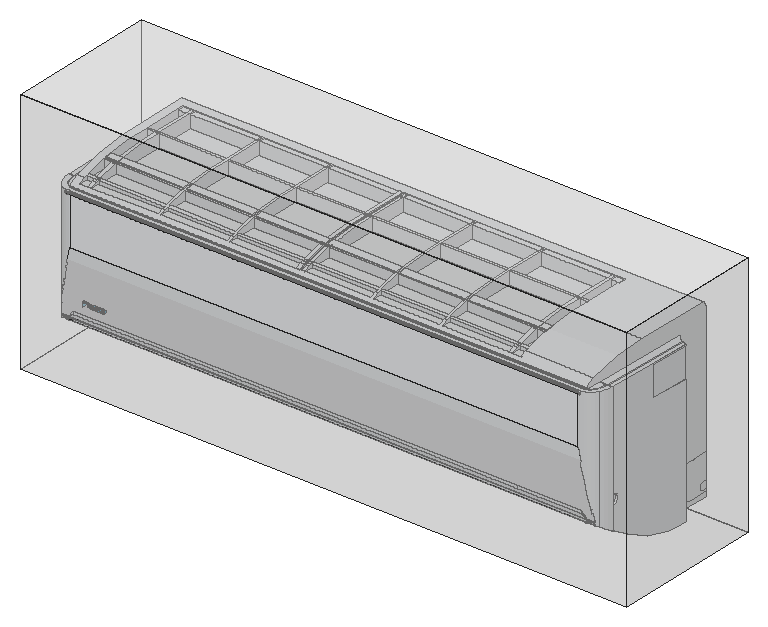
Revit family "outputfile", category 機械設備, Revit 2024
Family settings
  丸型コネクタ寸法 = 半径を使用
  パーツ タイプ = 標準
  OmniClass 番号 = 23.75.10.24.21.27.27
  OmniClass タイトル = Split System Air Conditioning Units
  作業面ベース = いいえ
  常に垂直 = はい
  ロード時にボイドで切り取り = いいえ
  注釈の向きを維持 = いいえ
  共有 = いいえ
  部屋計算ポイント = いいえ
Parameters (values of type "FXAQ25ARVM")
  書き出し IFC クラス(タイプ) = "IfcUnitaryEquipmentType"
  定義済み IFC タイプ(タイプ) = "AIRCONDITIONINGUNIT"
  switch_frequency = yes
  lh_powersupply = 55.0 mm  # constant formula
  製造元 = "Daikin"
  モデル = "FXAQ25ARVM"
  lh_drainpipe = 35.0 mm  # constant formula
  lh_liquidpipe = 40.0 mm  # constant formula
  lh_gaspipe = 20.0 mm  # constant formula
  r_Liquid Pipe Size = Liquid Pipe Size / 2  # 3.2 mm
  r_Gas Pipe Size = Gas Pipe Size / 2  # 6.35 mm
  r_Drain Pipe Size = Drain Pipe Size / 2  # 9.0 mm
  lw_powersupply [instance] = if(or(Left Connection_refrigerant, Right Connection_refrigerant), 464.5 mm, if(or(Bottom Left Connection_refrigerant, Rear Left Connection_refrigerant), 843.0 mm, 58.0 mm))  # 464.5 mm
  lw_liquidpipe [instance] = if(or(Left Connection_refrigerant, Right Connection_refrigerant), 490.0 mm, if(or(Bottom Left Connection_refrigerant, Rear Left Connection_refrigerant), 843.0 mm, 58.0 mm))  # 490.0 mm
  lw_gaspipe [instance] = if(or(Left Connection_refrigerant, Right Connection_refrigerant), 440.0 mm, if(or(Bottom Left Connection_refrigerant, Rear Left Connection_refrigerant), 858.0 mm, 73.0 mm))  # 440.0 mm
  lw_drainpipe [instance] = if(or(Left Connection_refrigerant, Right Connection_refrigerant), 570.0 mm, if(or(Bottom Left Connection_refrigerant, Rear Left Connection_refrigerant), 873.0 mm, 88.0 mm))  # 570.0 mm
  l_powersupply_length [instance] = if(Right Connection_refrigerant, 442.2 mm, if(Left Connection_refrigerant, 442.2 mm, if(or(Rear Left Connection_refrigerant, Rear Right Connection_refrigerant), 15.0 mm, 55.0 mm)))  # 442.2 mm
  l_liquidpipe_length [instance] = if(Left Connection_refrigerant, 416.4 mm, if(Right Connection_refrigerant, 467.4 mm, if(or(Bottom Left Connection_refrigerant, Bottom Right Connection_refrigerant), 40.0 mm, 35.0 mm)))  # 467.4 mm
  l_gaspipe_length [instance] = if(Left Connection_refrigerant, 466.4 mm, if(Right Connection_refrigerant, 417.4 mm, if(or(Bottom Left Connection_refrigerant, Bottom Right Connection_refrigerant), 20.0 mm, 35.0 mm)))  # 417.4 mm
  l_drainpipe_length [instance] = if(Left Connection_refrigerant, 336.7 mm, if(Right Connection_refrigerant, 547.7 mm, if(or(Bottom Left Connection_refrigerant, Bottom Right Connection_refrigerant), 30.0 mm, 15.0 mm)))  # 547.7 mm
  h*** = 0.0 mm  # constant formula
  connector_voltage = Voltage_50Hz  # 220 V
  connector_powerinput = if([Power Input (Cooling)] > [Power Input (Heating)], [Power Input (Cooling)], [Power Input (Heating)])  # 0.024 kW
  connector_phase = Phase_50Hz  # 1
  angle_vertical [instance] = if(or(Bottom Left Connection_refrigerant, Bottom Right Connection_refrigerant), 0.00°, 90.00°)  # 90.00°
  angle_horizontal [instance] = if(Right Connection_refrigerant, 90.00°, if(Left Connection_refrigerant, -90.00°, if(or(Rear Left Connection_refrigerant, Rear Right Connection_refrigerant), 180.00°, 0.00°)))  # 90.00°
  Width = 929.0 mm
  Voltage_comment_60Hz = "220-240"
  Voltage_comment_50Hz = "220-240"
  Voltage_60Hz = 220 V
  Voltage_50Hz = 220 V
  Version = "ver.1.0"
  Unit Type = "Wall Mounted"
  Unit Mass Weight = 13.00 kg
  Unit Designation [instance] = ""
  Uniclass2015Version = "Products v1.30"
  Uniclass2015Title = "Variable refrigerant flow units"
  Uniclass2015Code = "Pr_70_65_03_94"
  Total Heating Capacity [instance] = 0.000 kW
  Total Cooling Capacity [instance] = 0.000 kW
  Sound Pressure Level_L speed (dBA) = 31
  Sound Pressure Level_H speed (dBA) = 36
  Sound Power Level_H speed (dB) = 0
  Series = "VRV Fan Coil Unit"
  Sensible Cooling Capacity [instance] = 0.000 kW
  Refrigerant Type = "R410A"
  Power Input (Heating) = 0.024 kW
  Power Input (Cooling) = 0.019 kW
  Phase_60Hz = 1
  Phase_50Hz = 1
  Option Accessory 3 [instance] = ""
  Option Accessory 2 [instance] = ""
  Option Accessory 1 [instance] = ""
  Nominal Heating Capacity = 3.200 kW
  Nominal Cooling Capacity = 2.800 kW
  Minimum Circuit Amps_60Hz = 0.4 A
  Minimum Circuit Amps_50Hz = 0.4 A
  Minimum Airflow = 300.00 m³/h
  Maximum Fuse Amps_60Hz = 15.0 A
  Maximum Fuse Amps_50Hz = 15.0 A
  Maximum Airflow = 540.00 m³/h
  Material_Casing = DAIKIN_FreshWhite_Casing_indoorunit
  Load Classification = HVAC
  Liquid Pipe Size = 6.4 mm
  Link_Nested Family [instance] = ""
  IfcVersion = ""
  IfcExportType = "AIRCONDITIONINGUNIT"
  IfcExportAs = "IfcUnitaryEquipmentType"
  Height = 298.0 mm
  Heating Entering Wet Bulb Temperature [instance] = 0.00 °C
  Heating Entering Dry Bulb Temperature [instance] = 0.00 °C
  Heating Ambient Wet Bulb Temperature [instance] = 0.00 °C
  Heating Ambient Dry Bulb Temperature [instance] = 0.00 °C
  Heat Exchanger Type = "Cross Fin Coil"
  Gas Pipe Size = 12.7 mm
  Frequency_60Hz = 60 Hz
  Frequency_50Hz = 50 Hz
  Fan Type = "Cross Flow Fan"
  Fan Drive = "Direct Drive"
  FCU Tag No. [instance] = ""
  Drain Pipe Size = 18.0 mm
  Design Supply Airflow [instance] = 0.00 m³/h
  Depth = 258.0 mm
  既定の高さ = 0.0 mm
  Cooling Entering Wet Bulb Temperature [instance] = 0.00 °C
  Cooling Entering Dry Bulb Temperature [instance] = 0.00 °C
  Cooling Ambient Wet Bulb Temperature [instance] = 0.00 °C
  Cooling Ambient Dry Bulb Temperature [instance] = 0.00 °C
  Clearance visibility [instance] = yes
  Clearance Top = 90.0 mm
  Clearance Right = 50.0 mm
  Clearance Rear = 0.0 mm
  Clearance Left = 50.0 mm
  Clearance Front = 0.0 mm
  Clearance Bottom = 30.0 mm
  Bottom Right Connection_refrigerant [instance] = no
  Bottom Left Connection_refrigerant [instance] = no
  Rear Right Connection_refrigerant [instance] = no
  Rear Left Connection_refrigerant [instance] = no
  Right Connection_refrigerant [instance] = yes
  Left Connection_refrigerant [instance] = no
Reference planes
  plane 1 "Back": y = 0
  plane 2: z = 0
  plane 3 "Center (Left/Right)": x = 0
  plane 4 "Center (Front/Back)": y = -119
  plane 5: y = -238
  plane 6 "Left": x = -464.5
  plane 7 "Right": x = 464.5
  plane 8 "Top": z = 0
  plane 9: x = -514.5
  plane 10: x = 514.5
  plane 11: z = 90
  plane 12 "ld_drainpipe": y = -15
  plane 13: z = -284.5
  plane 14: z = -269.5
  plane 15: z = -251
  plane 16 "Clearance Bottom": z = -328
  plane 17: x = -105.5
  plane 18: x = -25.5
  plane 19: x = 24.5
  plane 20: x = 0
  plane 21 "Height": z = -298
  plane 22 "Front": y = -258
  plane 23: y = -35
  plane 24: y = -258
  plane 25: y = 0
Dimensions and locks
  equal spacing: plane 6 "Left", plane 3 "Center (Left/Right)", plane 7 "Right"
  "Width": plane 6 "Left" to plane 7 "Right"
  locked: plane 12 "ld_drainpipe" to plane 1 "Back" at 15
  "Clearance Left": plane 9 to plane 6 "Left"
  "Clearance Right": plane 7 "Right" to plane 10
  "Height": plane 8 "Top" to plane 21 "Height"
  "Depth": plane 22 "Front" to plane 1 "Back"
  locked: plane 23 to plane 1 "Back" at 35
  "lw_powersupply": plane 20 to plane 7 "Right"
  "lw_liquidpipe": plane 18 to plane 7 "Right"
  "lw_drainpipe": plane 17 to plane 7 "Right"
  "lw_gaspipe": plane 19 to plane 7 "Right"
  "Clearance Front": plane 22 "Front" to plane 24
  "Clearance Rear": plane 25 to plane 1 "Back"
  "Clearance Bottom": plane 21 "Height" to plane 16 "Clearance Bottom"
  "Clearance Top": plane 11 to plane 8 "Top"
  aligned and locked: level to plane 2
  aligned and locked: plane 9 to nested 1
  aligned and locked: plane 10 to nested 1
  aligned and locked: plane 11 to nested 1
  aligned and locked: nested 5 to plane 12 "ld_drainpipe"
  aligned and locked: level to plane 8 "Top"
  aligned and locked: plane 16 "Clearance Bottom" to nested 1
  aligned and locked: plane 17 to nested 4
  aligned and locked: plane 18 to nested 3
  aligned and locked: plane 19 to nested 2
  aligned and locked: plane 20 to nested 5
  aligned and locked: nested 2 to plane 23
  aligned and locked: nested 4 to plane 12 "ld_drainpipe"
  aligned and locked: nested 3 to plane 23
  aligned and locked: plane 24 to nested 1
  aligned and locked: nested 1 to plane 25
  aligned and locked: plane 1 "Back" to nested 6
  aligned and locked: plane 3 "Center (Left/Right)" to nested 6
Nested families
  nested 1: "daikin_clearancespace" at (0, -129, -118.881), show <- "Clearance visibility", visible <- "Clearance visibility", Link_Nested Family <- "Link_Nested Family", type "daikin_clearancespace"
    with width 1029.0 mm, show yes, height 418.0 mm, depth 258.0 mm, Link_Nested Family ""
  nested 2: "daikin_connector_rotate3" at (24.5, -35, -278), angle_vertical <- "angle_vertical", angle_horizontal <- "angle_horizontal", length <- "l_gaspipe_length", radius <- "r_Gas Pipe Size", built-in parameter 1001364 <- "lh_gaspipe", type "daikin_connector_rotate3"
    with show no, radius 6.35 mm, length 417.4 mm, angle_vertical 90.00°, angle_horizontal 90.00°
  nested 3: "daikin_connector_rotate3" at (-25.5, -35, -258), angle_vertical <- "angle_vertical", angle_horizontal <- "angle_horizontal", radius <- "r_Liquid Pipe Size", length <- "l_liquidpipe_length", built-in parameter 1001364 <- "lh_liquidpipe", type "daikin_connector_rotate3"
    with show no, radius 3.2 mm, length 467.4 mm, angle_vertical 90.00°, angle_horizontal 90.00°
  nested 4: "daikin_connector_rotate3" at (-105.5, -15, -263), angle_vertical <- "angle_vertical", angle_horizontal <- "angle_horizontal", length <- "l_drainpipe_length", radius <- "r_Drain Pipe Size", built-in parameter 1001364 <- "lh_drainpipe", type "daikin_connector_rotate3"
    with show no, radius 9.0 mm, length 547.7 mm, angle_vertical 90.00°, angle_horizontal 90.00°
  nested 5: "daikin_connector_rotate3" at (0, -15, -243), angle_vertical <- "angle_vertical", angle_horizontal <- "angle_horizontal", length <- "l_powersupply_length", built-in parameter 1001364 <- "lh_powersupply", type "daikin_connector_rotate3"
    with show no, radius 10.0 mm, length 442.2 mm, angle_vertical 90.00°, angle_horizontal 90.00°
  nested 6: "FXAQ-ARVM" at (0, 0, 0), type "FXAQ-ARVM"
Connectors
  electrical at (442.2, -15, -243), driven by "Load Classification", driven by "connector_voltage", driven by "connector_powerinput", driven by "connector_phase"
    settings: on nested 5, index 1, voltage 220 V, apparent load 24 VA, apparent load phase1 0 VA, apparent load phase2 0 VA, apparent load phase3 0 VA, power factor 1, load classification "HVAC", number of poles 1, system type 30, power factor state 1, is connector primary yes, connector utility no, sub classification motor no, connector description "Power Supply"
  piping at (442.2, -15, -263), diameter 18, driven by "r_Drain Pipe Size"
    settings: on nested 4, index 2, connector inside diameter 609.6 mm, connector length 0.0 mm, flow factor 0, pipe flow 0.00 m³/h, pressure drop 0.0 Pa, fitting loss kfactor 0, connector angle 0.00°, fixture units 0, engagement length 0.0 mm, angle of deflection 0.00°, flow configuration 1, flow direction 2, fitting loss method 4, system type 16, joint type 0, gender type 0, connector reference index -1, connector utility 0, adjustable connector no, is connector primary yes, connector description "Condensate Drain Piping"
  piping at (441.9, -35, -278), diameter 12.7, driven by "r_Gas Pipe Size"
    settings: on nested 2, index 3, connector inside diameter 609.6 mm, connector length 0.0 mm, flow factor 0, pipe flow 0.00 m³/h, pressure drop 0.0 Pa, fitting loss kfactor 0, connector angle 0.00°, fixture units 0, engagement length 0.0 mm, angle of deflection 0.00°, flow configuration 1, flow direction 2, fitting loss method 0, system type 29, joint type 0, gender type 0, connector reference index -1, connector utility 0, adjustable connector no, is connector primary no, connector description "Refrigerant Gas Piping"
  piping at (441.9, -35, -258), diameter 6.4, driven by "r_Liquid Pipe Size"
    settings: on nested 3, index 4, connector inside diameter 609.6 mm, connector length 0.0 mm, flow factor 0, pipe flow 0.00 m³/h, pressure drop 0.0 Pa, fitting loss kfactor 0, connector angle 0.00°, fixture units 0, engagement length 0.0 mm, angle of deflection 0.00°, flow configuration 1, flow direction 1, fitting loss method 0, system type 29, joint type 0, gender type 0, connector reference index -1, connector utility 0, adjustable connector no, is connector primary no, connector description "Refrigerant Liquid Piping"
Definition of nested family "daikin_clearancespace"
  Parameters (values of type "daikin_clearancespace")
    Description = "daikin_clearancespace"
    width [instance] = 1823.963 mm
    show [instance] = yes
    material = none
    height [instance] = 1359.762 mm
    depth [instance] = 880.0 mm
    Default Elevation = 0.0 mm
    Link_Nested Family [instance] = ""
  Reference planes
    plane 1 "Center (Front/Back)": y = 0
    plane 2 "Center (Elevation)": z = -0.119
    plane 3 "Center (Left/Right)": x = 0
    plane 4: y = 440
    plane 5: y = -440
    plane 6 "Right": x = 911.982
    plane 7 "Left": x = -911.982
    plane 8 "Top": z = 679.762
    plane 9 "Bottom": z = -680
  Forms (mm)
    Extrusion 1, solid, material <- "material", visible <- "show"
      sketch origin (0, 0, 0) x (1, 0, 0) y (0, 1, 0)
        loop
          line (-911.982, 440) -> (-911.982, -440) -> (911.982, -440) -> (911.982, 440) -> (-911.982, 440)
      from -680 to 679.762
  Lines and regions (mm)
    symbolic lines, visible <- "show"
      curve 1: line (911.982, 440, 0) -> (-911.982, 440, 0)
      curve 2: line (-911.982, 440, 0) -> (-911.982, -440, 0)
      curve 3: line (-911.982, -440, 0) -> (911.982, -440, 0)
      curve 4: line (911.982, -440, 0) -> (911.982, 440, 0)
      curve 5: line (911.982, 0, 679.762) -> (-911.982, 0, 679.762)
      curve 6: line (911.982, 0, -680) -> (911.982, 0, 679.762)
      curve 7: line (-911.982, 0, -680) -> (911.982, 0, -680)
      curve 8: line (-911.982, 0, 679.762) -> (-911.982, 0, -680)
      curve 9: line (0, 440, 679.762) -> (0, -440, 679.762)
      curve 10: line (0, -440, 679.762) -> (0, -440, -680)
      curve 11: line (0, 440, -680) -> (0, 440, 679.762)
      curve 12: line (0, -440, -680) -> (0, 440, -680)
  Dimensions and locks
    "width": plane 7 "Left" to plane 6 "Right"
    "depth": plane 4 to plane 5
    "height": plane 8 "Top" to plane 9 "Bottom"
    equal spacing: plane 7 "Left", plane 3 "Center (Left/Right)", plane 6 "Right"
    equal spacing: plane 4, plane 1 "Center (Front/Back)", plane 5
    equal spacing: plane 8 "Top", plane 2 "Center (Elevation)", plane 9 "Bottom"
    aligned and locked: level to plane 2 "Center (Elevation)"
    aligned and locked: Extrusion 1 sketch curve to plane 4
    aligned and locked: plane 7 "Left" to Extrusion 1 sketch curve
    aligned and locked: Extrusion 1 sketch curve to plane 5
    aligned and locked: Extrusion 1 sketch curve to plane 6 "Right"
    aligned and locked: plane 8 "Top" to Extrusion 1
    aligned and locked: curve 1 to Extrusion 1
    aligned and locked: curve 2 to Extrusion 1
    aligned and locked: curve 3 to Extrusion 1
    aligned and locked: curve 4 to Extrusion 1
    aligned and locked: curve 5 to Extrusion 1
    aligned and locked: curve 6 to Extrusion 1
    aligned and locked: curve 7 to Extrusion 1
    aligned and locked: curve 8 to Extrusion 1
    aligned and locked: curve 9 to Extrusion 1
    aligned and locked: curve 10 to Extrusion 1
    aligned and locked: curve 11 to Extrusion 1
    aligned and locked: curve 12 to Extrusion 1
    aligned and locked: Extrusion 1 to plane 9 "Bottom"
Definition of nested family "FXAQ-ARVM"
  Parameters (values of type "FXAQ-ARVM")
    Width = 929.0 mm
    Material_Casing = none
    Default Elevation = 0.0 mm
  Reference planes
    plane 1 "Center (Front/Back)": y = 0
    plane 2 "reference_level": z = 0
    plane 3 "Center (Left/Right)": x = 0
  Forms (mm)
    Extrusion 1, solid, material <- "Material_Casing"
      sketch origin (37.5, 0, 0) x (1, 0, 0) y (0, 0, 1)
        loop
          circle (357, -249) r 40
        loop
          circle (-428, -250) r 40
      from 0 to 5
    Extrusion 2, solid, material <- "Material_Casing"
      sketch origin (-525, 1296.25, 1200) x (0, 1, 0) y (0, 0, 1)
        loop
          line (-1542.822, -1430.612) -> (-1517.25, -1446.105) -> (-1517.25, -1228.309)
          arc (-1517.25, -1228.309) -> (-1517.546, -1227.599) -> (-1518.259, -1227.309) r 1
          line (-1518.259, -1227.309) -> (-1553.177, -1227.614)
          arc (-1553.177, -1227.614) -> (-1553.593, -1227.787) -> (-1553.771, -1228.201) r 0.6
          line (-1553.771, -1228.201) -> (-1553.814, -1230.3) -> (-1552.816, -1230.309) -> (-1552.852, -1232.291) -> (-1554.25, -1232.303) -> (-1554.25, -1313.777)
          arc (-1554.25, -1313.777) -> (-1551.733, -1369.498) -> (-1544.203, -1424.766) r 618.013
          line (-1544.203, -1424.766) -> (-1543.119, -1425.138) -> (-1542.798, -1426.992) -> (-1543.814, -1426.992) -> (-1543.288, -1429.932)
          arc (-1543.288, -1429.932) -> (-1543.128, -1430.322) -> (-1542.822, -1430.612) r 1
      from 60.5 to 989.5
    Extrusion 3, void
      sketch origin (-525, 1296.25, 1200) x (0, 1, 0) y (0, 0, 1)
        loop
          arc (-1489.957, -1468.485) -> (-1468.343, -1480.342) -> (-1445.644, -1489.96) r 244.307
          arc (-1445.644, -1489.96) -> (-1423.667, -1496.837) -> (-1401.141, -1501.621) r 244.995
          arc (-1401.141, -1501.621) -> (-1397.468, -1502.156) -> (-1393.777, -1502.56) r 104.996
          line (-1393.777, -1502.56) -> (-1391.536, -1481.238)
          arc (-1391.536, -1481.238) -> (-1392.885, -1481.047) -> (-1394.231, -1480.837) r 94.996
          arc (-1394.231, -1480.837) -> (-1415.837, -1476.248) -> (-1436.917, -1469.651) r 234.995
          arc (-1436.917, -1469.651) -> (-1458.423, -1460.555) -> (-1478.917, -1449.363) r 234.307
          line (-1478.917, -1449.363) -> (-1489.957, -1468.485)
      from 129 to 821
    Extrusion 4, void
      sketch origin (-610.615, -1524, -240) x (-1, 0, 0) y (0, -1, 0)
        loop
          line (-317.415, -1501.5) -> (-184.115, -1501.5) -> (-184.115, -1427.5) -> (-317.415, -1427.5) -> (-317.415, -1501.5)
        loop
          line (-434.415, -1501.5) -> (-321.415, -1501.5) -> (-321.415, -1427.5) -> (-434.415, -1427.5) -> (-434.415, -1501.5)
        loop
          line (-557.415, -1501.5) -> (-438.415, -1501.5) -> (-438.415, -1427.5) -> (-557.415, -1427.5) -> (-557.415, -1501.5)
        loop
          line (-678.815, -1501.5) -> (-559.815, -1501.5) -> (-559.815, -1427.5) -> (-678.815, -1427.5) -> (-678.815, -1501.5)
        loop
          line (-795.815, -1501.5) -> (-682.815, -1501.5) -> (-682.815, -1427.5) -> (-795.815, -1427.5) -> (-795.815, -1501.5)
        loop
          line (-933.115, -1501.5) -> (-799.815, -1501.5) -> (-799.815, -1427.5) -> (-933.115, -1427.5) -> (-933.115, -1501.5)
        loop
          line (-317.415, -1423.5) -> (-184.115, -1423.5) -> (-184.115, -1336.5) -> (-317.415, -1336.5) -> (-317.415, -1423.5)
        loop
          line (-434.415, -1423.5) -> (-321.415, -1423.5) -> (-321.415, -1336.5) -> (-434.415, -1336.5) -> (-434.415, -1423.5)
        loop
          line (-557.415, -1423.5) -> (-438.415, -1423.5) -> (-438.415, -1336.5) -> (-557.415, -1336.5) -> (-557.415, -1423.5)
        loop
          line (-678.815, -1423.5) -> (-559.815, -1423.5) -> (-559.815, -1336.5) -> (-678.815, -1336.5) -> (-678.815, -1423.5)
        loop
          line (-795.815, -1423.5) -> (-682.815, -1423.5) -> (-682.815, -1336.5) -> (-795.815, -1336.5) -> (-795.815, -1423.5)
        loop
          line (-933.115, -1423.5) -> (-799.815, -1423.5) -> (-799.815, -1336.5) -> (-933.115, -1336.5) -> (-933.115, -1423.5)
        loop
          line (-317.415, -1332.5) -> (-184.115, -1332.5) -> (-184.115, -1300.5) -> (-317.415, -1300.5) -> (-317.415, -1332.5)
        loop
          line (-434.415, -1332.5) -> (-321.415, -1332.5) -> (-321.415, -1300.5) -> (-434.415, -1300.5) -> (-434.415, -1332.5)
        loop
          line (-557.415, -1332.5) -> (-438.415, -1332.5) -> (-438.415, -1300.5) -> (-557.415, -1300.5) -> (-557.415, -1332.5)
        loop
          line (-678.815, -1332.5) -> (-559.815, -1332.5) -> (-559.815, -1300.5) -> (-678.815, -1300.5) -> (-678.815, -1332.5)
        loop
          line (-795.815, -1332.5) -> (-682.815, -1332.5) -> (-682.815, -1300.5) -> (-795.815, -1300.5) -> (-795.815, -1332.5)
        loop
          line (-933.115, -1332.5) -> (-799.815, -1332.5) -> (-799.815, -1300.5) -> (-933.115, -1300.5) -> (-933.115, -1332.5)
        loop
          line (-317.415, -1296.5) -> (-184.115, -1296.5) -> (-184.115, -1273.985) -> (-317.415, -1273.985) -> (-317.415, -1296.5)
        loop
          line (-434.415, -1296.5) -> (-321.415, -1296.5) -> (-321.415, -1273.985) -> (-434.415, -1273.985) -> (-434.415, -1296.5)
        loop
          line (-557.415, -1296.5) -> (-438.415, -1296.5) -> (-438.415, -1273.985) -> (-557.415, -1273.985) -> (-557.415, -1296.5)
        loop
          line (-678.815, -1296.5) -> (-559.815, -1296.5) -> (-559.815, -1273.985) -> (-678.815, -1273.985) -> (-678.815, -1296.5)
        loop
          line (-795.815, -1296.5) -> (-682.815, -1296.5) -> (-682.815, -1273.985) -> (-795.815, -1273.985) -> (-795.815, -1296.5)
        loop
          line (-933.115, -1296.5) -> (-799.815, -1296.5) -> (-799.815, -1273.985) -> (-933.115, -1273.985) -> (-933.115, -1296.5)
      from 218.718 to 250
    Extrusion 5, solid, material <- "Material_Casing"
      sketch origin (31, 0, 0) x (0, 1, 0) y (0, 0, 1)
        loop
          arc (-133, 0) -> (-183.089, -4.257) -> (-231.74, -16.907) r 296.792
          arc (-231.74, -16.907) -> (-240.035, -20.716) -> (-247.498, -25.97) r 50
          line (-247.498, -25.97) -> (-247.498, -27.531) -> (-221, -27.3) -> (-221, -28.237) -> (-220, -28.237) -> (-220, -245.585)
          arc (-220, -245.585) -> (-219.743, -246.566) -> (-219.036, -247.295) r 2
          line (-219.036, -247.295) -> (-215.453, -249.466) -> (-189.599, -265.136)
          arc (-189.599, -265.136) -> (-169.128, -276.22) -> (-147.677, -285.263) r 239.307
          arc (-147.677, -285.263) -> (-126.149, -292) -> (-104.083, -296.687) r 239.995
          arc (-104.083, -296.687) -> (-96.033, -297.671) -> (-87.93, -298) r 99.996
          line (-87.93, -298) -> (0, -298) -> (0, -8.5) -> (-5, 0) -> (-133, 0)
      from -495.5 to 433.5
    Extrusion 6, void
      sketch origin (0, 0, 0) x (1, 0, 0) y (0, 1, 0)
        loop
          arc (-464.5, -69.996) -> (-451.865, -64.288) -> (-441.567, -55.003) r 45.003
          line (-441.567, -55.003) -> (-442.5, 0) -> (-464.5, 0) -> (-464.5, -69.996)
        loop
          line (464.5, -69.996) -> (464.5, 0) -> (442.5, 0) -> (441.567, -55.003)
          arc (441.567, -55.003) -> (451.865, -64.288) -> (464.5, -69.996) r 45.003
      from -350.147 to 42.558
    Extrusion 7, solid, material <- "Material_Casing"
      sketch origin (464.482, 1296.064, 1192) x (-0.016958, -0.999856, 0) y (0, 0, 1)
        loop
          line (1326.25, -1422) -> (1296.25, -1422) -> (1296.25, -1465) -> (1302.753, -1465)
          spline (1302.753, -1465) -> (1304.435, -1465.221) -> (1306.003, -1465.871) -> (1307.349, -1466.904) -> (1308.382, -1468.25) -> (1309.031, -1469.818) -> (1309.252, -1471.5) -> (1309.031, -1473.182) -> (1308.382, -1474.75) -> (1307.349, -1476.096) -> (1306.003, -1477.129) -> (1304.435, -1477.779) -> (1302.753, -1478)
          line (1302.753, -1478) -> (1296.25, -1478) -> (1296.25, -1482) -> (1326.25, -1482)
          arc (1326.25, -1482) -> (1340.393, -1476.142) -> (1346.25, -1462) r 20
          line (1346.25, -1462) -> (1346.25, -1442)
          arc (1346.25, -1442) -> (1340.393, -1427.858) -> (1326.25, -1422) r 20
      from 0 to 5
    Extrusion 8, solid, material <- "Material_Casing"
      sketch origin (-464.482, 1296.064, 1192) x (-0.016958, 0.999856, 0) y (0, 0, 1)
        loop
          line (-1296.25, -1422) -> (-1326.25, -1422)
          arc (-1326.25, -1422) -> (-1340.393, -1427.858) -> (-1346.25, -1442) r 20
          line (-1346.25, -1442) -> (-1346.25, -1462)
          arc (-1346.25, -1462) -> (-1340.393, -1476.142) -> (-1326.25, -1482) r 20
          line (-1326.25, -1482) -> (-1296.25, -1482) -> (-1296.25, -1478) -> (-1302.753, -1478)
          spline (-1302.753, -1478) -> (-1304.435, -1477.779) -> (-1306.003, -1477.129) -> (-1307.349, -1476.096) -> (-1308.382, -1474.75) -> (-1309.031, -1473.182) -> (-1309.252, -1471.5) -> (-1309.031, -1469.818) -> (-1308.382, -1468.25) -> (-1307.349, -1466.904) -> (-1306.003, -1465.871) -> (-1304.435, -1465.221) -> (-1302.753, -1465)
          line (-1302.753, -1465) -> (-1296.25, -1465) -> (-1296.25, -1422)
      from 0 to 5
    Extrusion 9, void
      sketch origin (0, 0, 0) x (1, 0, 0) y (0, 1, 0)
        loop
          arc (451.583, -220.532) -> (450.652, -229.688) -> (447.774, -238.43) r 42.574
          arc (447.774, -238.43) -> (440.881, -246.096) -> (430.995, -249.015) r 18.939
          line (430.995, -249.015) -> (322.5, -249.015) -> (-430.995, -249.015)
          arc (-430.995, -249.015) -> (-440.881, -246.096) -> (-447.774, -238.43) r 18.939
          arc (-447.774, -238.43) -> (-450.652, -229.688) -> (-451.583, -220.532) r 42.574
          line (-451.583, -220.532) -> (-455.638, -65.672)
          arc (-455.638, -65.672) -> (-456.13, -65.926) -> (-456.626, -66.174) r 45.003
          line (-456.626, -66.174) -> (-452.526, -222.254)
          arc (-452.526, -222.254) -> (-451.441, -230.753) -> (-448.676, -238.863) r 42.58
          arc (-448.676, -238.863) -> (-441.392, -246.902) -> (-431, -250.015) r 20.209
          line (-431, -250.015) -> (431, -250.015)
          arc (431, -250.015) -> (441.392, -246.902) -> (448.676, -238.863) r 20.209
          arc (448.676, -238.863) -> (451.441, -230.753) -> (452.539, -222.254) r 42.58
          line (452.539, -222.254) -> (456.626, -66.151)
          arc (456.626, -66.151) -> (456.131, -65.903) -> (455.639, -65.649) r 45.003
          line (455.639, -65.649) -> (451.583, -220.532)
      from -514.227 to 32.749
    Extrusion 10, void
      sketch origin (0, 0, 0) x (1, 0, 0) y (0, 1, 0)
        loop
          arc (-430.764, -258.014) -> (-445.174, -254.026) -> (-455.485, -243.197) r 28.031
          arc (-455.485, -243.197) -> (-459.127, -232.113) -> (-460.561, -220.535) r 60.175
          line (-460.561, -220.535) -> (-464.5, -69.996) -> (-499.5, -69.996) -> (-499.5, -354.996) -> (499.5, -354.996) -> (499.5, -69.996) -> (464.5, -69.996) -> (460.598, -220.541)
          arc (460.598, -220.541) -> (459.601, -231.543) -> (456.08, -242.014) r 47.329
          arc (456.08, -242.014) -> (445.774, -253.677) -> (430.826, -258.014) r 27.93
          line (430.826, -258.014) -> (-430.764, -258.014)
      from -1033.399 to 0
    Extrusion 11, void
      sketch origin (0, 0, 0) x (1, 0, 0) y (0, 1, 0)
        loop
          arc (-455.485, -243.197) -> (-459.291, -232.263) -> (-460.562, -220.754) r 51.556
          line (-460.562, -220.754) -> (-492.49, -141.73) -> (-492.49, -316.73) -> (492.49, -316.73) -> (492.49, -141.73) -> (460.599, -220.663)
          arc (460.599, -220.663) -> (459.482, -231.58) -> (456.08, -242.014) r 51.576
          arc (456.08, -242.014) -> (445.844, -253.621) -> (431, -258) r 27.939
          line (431, -258) -> (-431, -258)
          arc (-431, -258) -> (-445.281, -253.971) -> (-455.485, -243.197) r 27.939
      from -354.312 to 0
    Extrusion 12, void
      sketch origin (0, 0, 0) x (1, 0, 0) y (0, 1, 0)
        loop
          line (435.004, -431) -> (510.5, -431) -> (510.5, 78.522) -> (443.898, 78.522) -> (435.004, -431)
      from -28.941 to 250
    Extrusion 13, void
      sketch origin (0, 0, 0) x (1, 0, 0) y (0, 1, 0)
        loop
          line (-438.024, -258) -> (-442.527, 0) -> (-469.5, 0) -> (-469.5, -258) -> (-438.024, -258)
      from -27.788 to 250
    Extrusion 14, solid, material <- "Material_Casing"
      sketch origin (31, 0, 0) x (0, 1, 0) y (0, 0, 1)
        loop
          arc (-175.5, -3.059) -> (-181.51, -3.991) -> (-187.5, -5.047) r 296.792
          line (-187.5, -5.047) -> (-187.5, -28.237) -> (-175.5, -28.237) -> (-175.5, -3.059)
        loop
          line (-33.5, 0) -> (-33.5, -28.237) -> (-22.5, -28.237) -> (-22.5, 0) -> (-33.5, 0)
      from -457.5 to -324.2
    Extrusion 15, solid, material <- "Material_Casing"
      sketch origin (384, 0, 0) x (0, 1, 0) y (0, 0, 1)
        loop
          arc (-175.5, -3.059) -> (-181.51, -3.991) -> (-187.5, -5.047) r 296.792
          line (-187.5, -5.047) -> (-187.5, -28.237) -> (-175.5, -28.237) -> (-175.5, -3.059)
        loop
          line (-33.5, 0) -> (-33.5, -28.237) -> (-22.5, -28.237) -> (-22.5, 0) -> (-33.5, 0)
      from -556.2 to -437.2
    Extrusion 16, solid, material <- "Material_Casing"
      sketch origin (392.4, 0, 0) x (0, 1, 0) y (0, 0, 1)
        loop
          arc (-175.5, -3.059) -> (-181.51, -3.991) -> (-187.5, -5.047) r 296.792
          line (-187.5, -5.047) -> (-187.5, -28.237) -> (-175.5, -28.237) -> (-175.5, -3.059)
        loop
          line (-33.5, 0) -> (-33.5, -28.237) -> (-22.5, -28.237) -> (-22.5, 0) -> (-33.5, 0)
      from -443.2 to -324.2
    Extrusion 17, solid, material <- "Material_Casing"
      sketch origin (745.4, 0, 0) x (0, 1, 0) y (0, 0, 1)
        loop
          arc (-175.5, -3.059) -> (-181.51, -3.991) -> (-187.5, -5.047) r 296.792
          line (-187.5, -5.047) -> (-187.5, -28.237) -> (-175.5, -28.237) -> (-175.5, -3.059)
        loop
          line (-33.5, 0) -> (-33.5, -28.237) -> (-22.5, -28.237) -> (-22.5, 0) -> (-33.5, 0)
      from -556.2 to -422.9
    Extrusion 18, solid, material <- "Material_Casing"
      sketch origin (628.4, 0, 0) x (0, 1, 0) y (0, 0, 1)
        loop
          arc (-175.5, -3.059) -> (-181.51, -3.991) -> (-187.5, -5.047) r 296.792
          line (-187.5, -5.047) -> (-187.5, -28.237) -> (-175.5, -28.237) -> (-175.5, -3.059)
        loop
          line (-33.5, 0) -> (-33.5, -28.237) -> (-22.5, -28.237) -> (-22.5, 0) -> (-33.5, 0)
      from -556.2 to -443.2
    Extrusion 19, solid, material <- "Material_Casing"
      sketch origin (267, 0, 0) x (0, 1, 0) y (0, 0, 1)
        loop
          arc (-175.5, -3.059) -> (-181.51, -3.991) -> (-187.5, -5.047) r 296.792
          line (-187.5, -5.047) -> (-187.5, -28.237) -> (-175.5, -28.237) -> (-175.5, -3.059)
        loop
          line (-33.5, 0) -> (-33.5, -28.237) -> (-22.5, -28.237) -> (-22.5, 0) -> (-33.5, 0)
      from -556.2 to -443.2
    Extrusion 20, solid, material <- "Material_Casing"
      sketch origin (31, 0, 0) x (0, 1, 0) y (0, 0, 1)
        loop
          line (-22.5, 0) -> (-96.5, 0) -> (-96.5, -27.3) -> (-22.5, -27.3) -> (-22.5, 0)
        loop
          spline (-133.001, 0) -> (-137.568, -0.035) -> (-142.135, -0.141) -> (-146.699, -0.316) -> (-151.259, -0.562) -> (-155.816, -0.878) -> (-160.367, -1.264) -> (-164.912, -1.721) -> (-169.449, -2.247) -> (-173.977, -2.842) -> (-178.496, -3.508) -> (-183.004, -4.243) -> (-187.5, -5.047)
          line (-187.5, -5.047) -> (-187.5, -27.3) -> (-100.5, -27.3) -> (-100.5, 0) -> (-133.001, 0)
        loop
          line (-223.5, -14.134) -> (-223.5, -27.3) -> (-191.5, -27.3) -> (-191.5, -5.822)
          spline (-191.5, -5.822) -> (-194.2, -6.378) -> (-196.895, -6.959) -> (-199.584, -7.565) -> (-202.267, -8.196) -> (-204.945, -8.852) -> (-207.616, -9.532) -> (-210.281, -10.238) -> (-212.939, -10.968) -> (-215.59, -11.723) -> (-218.234, -12.502) -> (-220.871, -13.306) -> (-223.5, -14.134)
        loop
          spline (-227.5, -15.446) -> (-227.854, -15.565) -> (-228.208, -15.685) -> (-228.562, -15.805) -> (-228.916, -15.926) -> (-229.269, -16.047) -> (-229.623, -16.168) -> (-229.976, -16.29) -> (-230.329, -16.412) -> (-230.682, -16.535) -> (-231.035, -16.658) -> (-231.387, -16.782) -> (-231.74, -16.906)
          arc (-231.74, -16.906) -> (-236.479, -18.856) -> (-240.994, -21.282) r 50
          line (-240.994, -21.282) -> (-227.5, -21.282) -> (-227.5, -15.446)
      from -443.2 to -437.2
    Extrusion 21, solid, material <- "Material_Casing"
      sketch origin (384, 0, 0) x (0, 1, 0) y (0, 0, 1)
        loop
          line (-22.5, 0) -> (-96.5, 0) -> (-96.5, -27.3) -> (-22.5, -27.3) -> (-22.5, 0)
        loop
          spline (-133.001, 0) -> (-137.568, -0.035) -> (-142.135, -0.141) -> (-146.699, -0.316) -> (-151.259, -0.562) -> (-155.816, -0.878) -> (-160.367, -1.264) -> (-164.912, -1.721) -> (-169.449, -2.247) -> (-173.977, -2.842) -> (-178.496, -3.508) -> (-183.004, -4.243) -> (-187.5, -5.047)
          line (-187.5, -5.047) -> (-187.5, -27.3) -> (-100.5, -27.3) -> (-100.5, 0) -> (-133.001, 0)
        loop
          line (-223.5, -14.134) -> (-223.5, -27.3) -> (-191.5, -27.3) -> (-191.5, -5.822)
          spline (-191.5, -5.822) -> (-194.2, -6.378) -> (-196.895, -6.959) -> (-199.584, -7.565) -> (-202.267, -8.196) -> (-204.945, -8.852) -> (-207.616, -9.532) -> (-210.281, -10.238) -> (-212.939, -10.968) -> (-215.59, -11.723) -> (-218.234, -12.502) -> (-220.871, -13.306) -> (-223.5, -14.134)
        loop
          spline (-227.5, -15.446) -> (-227.854, -15.565) -> (-228.208, -15.685) -> (-228.562, -15.805) -> (-228.916, -15.926) -> (-229.269, -16.047) -> (-229.623, -16.168) -> (-229.976, -16.29) -> (-230.329, -16.412) -> (-230.682, -16.535) -> (-231.035, -16.658) -> (-231.387, -16.782) -> (-231.74, -16.906)
          arc (-231.74, -16.906) -> (-236.479, -18.856) -> (-240.994, -21.282) r 50
          line (-240.994, -21.282) -> (-227.5, -21.282) -> (-227.5, -15.446)
      from -443.2 to -437.2
    Extrusion 22, solid, material <- "Material_Casing"
      sketch origin (392.4, 0, 0) x (0, 1, 0) y (0, 0, 1)
        loop
          line (-22.5, 0) -> (-96.5, 0) -> (-96.5, -27.3) -> (-22.5, -27.3) -> (-22.5, 0)
        loop
          spline (-133.001, 0) -> (-137.568, -0.035) -> (-142.135, -0.141) -> (-146.699, -0.316) -> (-151.259, -0.562) -> (-155.816, -0.878) -> (-160.367, -1.264) -> (-164.912, -1.721) -> (-169.449, -2.247) -> (-173.977, -2.842) -> (-178.496, -3.508) -> (-183.004, -4.243) -> (-187.5, -5.047)
          line (-187.5, -5.047) -> (-187.5, -27.3) -> (-100.5, -27.3) -> (-100.5, 0) -> (-133.001, 0)
        loop
          line (-223.5, -14.134) -> (-223.5, -27.3) -> (-191.5, -27.3) -> (-191.5, -5.822)
          spline (-191.5, -5.822) -> (-194.2, -6.378) -> (-196.895, -6.959) -> (-199.584, -7.565) -> (-202.267, -8.196) -> (-204.945, -8.852) -> (-207.616, -9.532) -> (-210.281, -10.238) -> (-212.939, -10.968) -> (-215.59, -11.723) -> (-218.234, -12.502) -> (-220.871, -13.306) -> (-223.5, -14.134)
        loop
          spline (-227.5, -15.446) -> (-227.854, -15.565) -> (-228.208, -15.685) -> (-228.562, -15.805) -> (-228.916, -15.926) -> (-229.269, -16.047) -> (-229.623, -16.168) -> (-229.976, -16.29) -> (-230.329, -16.412) -> (-230.682, -16.535) -> (-231.035, -16.658) -> (-231.387, -16.782) -> (-231.74, -16.906)
          arc (-231.74, -16.906) -> (-236.479, -18.856) -> (-240.994, -21.282) r 50
          line (-240.994, -21.282) -> (-227.5, -21.282) -> (-227.5, -15.446)
      from -443.2 to -437.2
    Extrusion 23, solid, material <- "Material_Casing"
      sketch origin (745.4, 0, 0) x (0, 1, 0) y (0, 0, 1)
        loop
          line (-22.5, 0) -> (-96.5, 0) -> (-96.5, -27.3) -> (-22.5, -27.3) -> (-22.5, 0)
        loop
          spline (-133.001, 0) -> (-137.568, -0.035) -> (-142.135, -0.141) -> (-146.699, -0.316) -> (-151.259, -0.562) -> (-155.816, -0.878) -> (-160.367, -1.264) -> (-164.912, -1.721) -> (-169.449, -2.247) -> (-173.977, -2.842) -> (-178.496, -3.508) -> (-183.004, -4.243) -> (-187.5, -5.047)
          line (-187.5, -5.047) -> (-187.5, -27.3) -> (-100.5, -27.3) -> (-100.5, 0) -> (-133.001, 0)
        loop
          line (-223.5, -14.134) -> (-223.5, -27.3) -> (-191.5, -27.3) -> (-191.5, -5.822)
          spline (-191.5, -5.822) -> (-194.2, -6.378) -> (-196.895, -6.959) -> (-199.584, -7.565) -> (-202.267, -8.196) -> (-204.945, -8.852) -> (-207.616, -9.532) -> (-210.281, -10.238) -> (-212.939, -10.968) -> (-215.59, -11.723) -> (-218.234, -12.502) -> (-220.871, -13.306) -> (-223.5, -14.134)
        loop
          spline (-227.5, -15.446) -> (-227.854, -15.565) -> (-228.208, -15.685) -> (-228.562, -15.805) -> (-228.916, -15.926) -> (-229.269, -16.047) -> (-229.623, -16.168) -> (-229.976, -16.29) -> (-230.329, -16.412) -> (-230.682, -16.535) -> (-231.035, -16.658) -> (-231.387, -16.782) -> (-231.74, -16.906)
          arc (-231.74, -16.906) -> (-236.479, -18.856) -> (-240.994, -21.282) r 50
          line (-240.994, -21.282) -> (-227.5, -21.282) -> (-227.5, -15.446)
      from -443.2 to -437.2
    Extrusion 24, solid, material <- "Material_Casing"
      sketch origin (-525, 1301.456, 1185.983) x (0, 1, 0) y (0, 0, 1)
        loop
          line (-1490.365, -1448.375) -> (-1491.955, -1450.92)
          arc (-1491.955, -1450.92) -> (-1471.02, -1462.298) -> (-1449.069, -1471.566) r 242.307
          arc (-1449.069, -1471.566) -> (-1427.272, -1478.388) -> (-1404.93, -1483.133) r 242.995
          arc (-1404.93, -1483.133) -> (-1402.218, -1483.539) -> (-1399.497, -1483.874) r 102.996
          line (-1399.497, -1483.874) -> (-1399.183, -1480.89)
          arc (-1399.183, -1480.89) -> (-1401.819, -1480.566) -> (-1404.446, -1480.172) r 99.996
          arc (-1404.446, -1480.172) -> (-1426.511, -1475.486) -> (-1448.04, -1468.748) r 239.995
          arc (-1448.04, -1468.748) -> (-1469.704, -1459.603) -> (-1490.365, -1448.375) r 239.307
      from 135 to 817
    Extrusion 25, solid, material <- "Material_Casing"
      sketch origin (-525, 1301.456, 1185.983) x (0, 1, 0) y (0, 0, 1)
        loop
          line (-1490.365, -1448.375) -> (-1491.955, -1450.92)
          arc (-1491.955, -1450.92) -> (-1471.02, -1462.298) -> (-1449.069, -1471.566) r 242.307
          arc (-1449.069, -1471.566) -> (-1427.272, -1478.388) -> (-1404.93, -1483.133) r 242.995
          arc (-1404.93, -1483.133) -> (-1402.218, -1483.539) -> (-1399.497, -1483.874) r 102.996
          line (-1399.497, -1483.874) -> (-1399.183, -1480.89)
          arc (-1399.183, -1480.89) -> (-1401.819, -1480.566) -> (-1404.446, -1480.172) r 99.996
          arc (-1404.446, -1480.172) -> (-1426.511, -1475.486) -> (-1448.04, -1468.748) r 239.995
          arc (-1448.04, -1468.748) -> (-1469.704, -1459.603) -> (-1490.365, -1448.375) r 239.307
      from 129 to 133
    Extrusion 26, solid, material <- "Material_Casing"
      sketch origin (163, 1301.456, 1185.983) x (0, 1, 0) y (0, 0, 1)
        loop
          line (-1490.365, -1448.375) -> (-1491.955, -1450.92)
          arc (-1491.955, -1450.92) -> (-1471.02, -1462.298) -> (-1449.069, -1471.566) r 242.307
          arc (-1449.069, -1471.566) -> (-1427.272, -1478.388) -> (-1404.93, -1483.133) r 242.995
          arc (-1404.93, -1483.133) -> (-1402.218, -1483.539) -> (-1399.497, -1483.874) r 102.996
          line (-1399.497, -1483.874) -> (-1399.183, -1480.89)
          arc (-1399.183, -1480.89) -> (-1401.819, -1480.566) -> (-1404.446, -1480.172) r 99.996
          arc (-1404.446, -1480.172) -> (-1426.511, -1475.486) -> (-1448.04, -1468.748) r 239.995
          arc (-1448.04, -1468.748) -> (-1469.704, -1459.603) -> (-1490.365, -1448.375) r 239.307
      from 129 to 133
    Extrusion 27, void
      sketch origin (0, 0, 0) x (1, 0, 0) y (0, 1, 0)
        loop
          line (-442.5, 0) -> (442.5, 0) -> (442.5, 1.095) -> (-442.5, 1.095) -> (-442.5, 0)
      from -298 to 0
    Extrusion 28, void
      sketch origin (31, 0, 0) x (0, 1, 0) y (0, 0, 1)
        loop
          arc (-220, -211.038) -> (-209.824, -200.843) -> (-220, -190.648) r 10.195
          line (-220, -190.648) -> (-220, -211.038)
      from 425 to 433.5
    Extrusion 29, void
      sketch origin (-31, 0, 0) x (0, 1, 0) y (0, 0, -1)
        loop
          line (-220, 211.038) -> (-220, 190.648)
          arc (-220, 190.648) -> (-209.824, 200.843) -> (-220, 211.038) r 10.195
      from 425 to 433.5
    Extrusion 30, void
      sketch origin (31, 0, 0) x (0, 1, 0) y (0, 0, 1)
        loop
          line (-136.859, -29.798) -> (-136.859, -81.374) -> (-67.205, -81.374) -> (-67.205, -29.798) -> (-136.859, -29.798)
      from 431.5 to 433.5
    Extrusion 31, void
      sketch origin (163, 1301.519, 1186.578) x (0, 1, 0) y (0, 0, 1)
        loop
          line (-1399.559, -1484.469) -> (-1399.455, -1483.475)
          arc (-1399.455, -1483.475) -> (-1402.503, -1483.119) -> (-1405.54, -1482.669) r 99.996
          arc (-1405.54, -1482.669) -> (-1427.605, -1477.983) -> (-1449.134, -1471.246) r 239.995
          arc (-1449.134, -1471.246) -> (-1470.858, -1462.071) -> (-1491.573, -1450.803) r 239.307
          line (-1491.573, -1450.803) -> (-1492.103, -1451.651)
          arc (-1492.103, -1451.651) -> (-1471.297, -1462.97) -> (-1449.477, -1472.185) r 240.307
          arc (-1449.477, -1472.185) -> (-1427.859, -1478.95) -> (-1405.701, -1483.656) r 240.995
          arc (-1405.701, -1483.656) -> (-1402.636, -1484.11) -> (-1399.559, -1484.469) r 100.996
      from 134 to 232
    Extrusion 32, solid, material <- "Material_Casing"
      sketch origin (-536.115, -1524, -248) x (-1, 0, 0) y (0, -1, 0)
        loop
          line (-115.615, -1524) -> (-115.615, -1494)
          arc (-115.615, -1494) -> (-121.473, -1479.858) -> (-135.615, -1474) r 20
          line (-135.615, -1474) -> (-155.615, -1474)
          arc (-155.615, -1474) -> (-169.757, -1479.858) -> (-175.615, -1494) r 20
          line (-175.615, -1494) -> (-175.615, -1524) -> (-115.615, -1524)
      from -45 to -50
    Extrusion 33, solid, material <- "Material_Casing"
      sketch origin (-4079.827, 1903.48, -248) x (-1, 0, 0) y (0, -1, 0)
        loop
          line (-4444.327, 1903.48) -> (-4444.327, 1933.48)
          arc (-4444.327, 1933.48) -> (-4450.185, 1947.622) -> (-4464.327, 1953.48) r 20
          line (-4464.327, 1953.48) -> (-4484.327, 1953.48)
          arc (-4484.327, 1953.48) -> (-4498.469, 1947.622) -> (-4504.327, 1933.48) r 20
          line (-4504.327, 1933.48) -> (-4504.327, 1903.48) -> (-4444.327, 1903.48)
      from -50 to -45
  Cuts and joins
    Extrusion 3, Extrusion 4, Extrusion 6, Extrusion 9, Extrusion 10, Extrusion 12, Extrusion 13, Extrusion 28, Extrusion 29, Extrusion 30, Extrusion 31 cuts Extrusion 5
    Extrusion 9, Extrusion 11 cuts Extrusion 2
    Extrusion 27 cuts Extrusion 7
    Extrusion 27 cuts Extrusion 8
  Dimensions and locks
    locked: Extrusion 7 sketch curve to Extrusion 7 sketch curve at 60
    locked: Extrusion 7 sketch curve to Extrusion 7 sketch curve at 50
    locked: Extrusion 1 sketch curve to cut or joined group 1 (Extrusion 3, Extrusion 4, Extrusion 5, Extrusion 6, Extrusion 9, Extrusion 10, Extrusion 12, Extrusion 13, Extrusion 28, Extrusion 29, Extrusion 30, Extrusion 31) at 48
    locked: Extrusion 1 sketch curve to cut or joined group 1 at 74
    locked: Extrusion 1 sketch curve to cut or joined group 1 at 70
    locked: Extrusion 1 sketch curve to cut or joined group 1 at 49
    aligned and locked: level to plane 2 "reference_level"
    aligned and locked: Extrusion 2 to Extrusion 5
    aligned and locked: level to Extrusion 11
    aligned and locked: Extrusion 27 sketch curve to cut or joined group 1
    aligned and locked: level to Extrusion 27
  Automatic sketch dimensions
    Extrusion 2 sketch curve to level = 32.303 mm
    plane 1 "Center (Front/Back)" to Extrusion 2 sketch curve = 258.0 mm
    Extrusion 2 sketch curve to level = 30.3 mm
    Extrusion 2 sketch curve to Extrusion 2 sketch curve = 0.437 mm
    Extrusion 2 sketch curve to level = 28.201 mm
    Extrusion 2 sketch curve to Extrusion 2 sketch curve = 0.042 mm
    Extrusion 2 sketch curve to level = 27.614 mm
    Extrusion 2 sketch curve to Extrusion 2 sketch curve = 0.595 mm
    Extrusion 2 sketch curve to level = 32.291 mm
    Extrusion 2 sketch curve to Extrusion 2 sketch curve = 1.399 mm
    Extrusion 2 sketch curve to level = 30.309 mm
    Extrusion 2 sketch curve to Extrusion 2 sketch curve = 0.997 mm
    Extrusion 2 sketch curve to level = 224.766 mm
    Extrusion 2 sketch curve to Extrusion 2 sketch curve = 10.048 mm
    Extrusion 2 sketch curve to Extrusion 2 sketch curve = 0.389 mm
    Extrusion 2 sketch curve to Extrusion 2 sketch curve = 0.526 mm
    Extrusion 2 sketch curve to Extrusion 2 sketch curve = 1.083 mm
    Extrusion 2 sketch curve to level = 230.612 mm
    Extrusion 2 sketch curve to Extrusion 2 sketch curve = 0.466 mm
    Extrusion 2 sketch curve to Extrusion 2 sketch curve = 1.016 mm
    Extrusion 2 sketch curve to Extrusion 2 sketch curve = 0.984 mm
    Extrusion 2 sketch curve to level = 27.309 mm
    Extrusion 2 sketch curve to Extrusion 2 sketch curve = 0.009 mm
    Extrusion 2 sketch curve to Extrusion 2 sketch curve = 25.571 mm
    Extrusion 2 sketch curve to level = 113.777 mm
    Extrusion 2 sketch curve to Extrusion 2 sketch curve = 15.494 mm
    Extrusion 2 sketch curve to Extrusion 2 sketch curve = 0.373 mm
    plane 1 "Center (Front/Back)" to Extrusion 3 sketch curve = 193.706 mm
    Extrusion 3 sketch curve to Extrusion 3 sketch curve = 11.04 mm
    plane 1 "Center (Front/Back)" to Extrusion 3 sketch curve = 97.527 mm
    Extrusion 3 sketch curve to Extrusion 3 sketch curve = 2.241 mm
    Extrusion 3 sketch curve to Extrusion 3 sketch curve = 7.356 mm
    Extrusion 3 sketch curve to Extrusion 3 sketch curve = 5.295 mm
    plane 1 "Center (Front/Back)" to Extrusion 3 sketch curve = 65.55 mm
    Extrusion 3 sketch curve to Extrusion 3 sketch curve = 0.236 mm  (x2)
    Extrusion 3 sketch curve to Extrusion 3 sketch curve = 5.059 mm
    Extrusion 3 sketch curve to level = 302.56 mm
    Extrusion 3 sketch curve to Extrusion 3 sketch curve = 21.322 mm
    Extrusion 3 sketch curve to Extrusion 3 sketch curve = 12.753 mm
    Extrusion 3 sketch curve to Extrusion 3 sketch curve = 19.122 mm
    Extrusion 3 sketch curve to Extrusion 3 sketch curve = 83.234 mm
    Extrusion 3 sketch curve to Extrusion 3 sketch curve = 10.916 mm
    Extrusion 3 sketch curve to level = 60.49 mm
    Extrusion 3 sketch curve to Extrusion 3 sketch curve = 0.646 mm  (x2)
    Extrusion 3 sketch curve to Extrusion 3 sketch curve = 10.269 mm
    Extrusion 3 sketch curve to Extrusion 3 sketch curve = 0.0 mm  (x2)
    plane 3 "Center (Left/Right)" to Extrusion 4 sketch curve = 322.5 mm
    plane 1 "Center (Front/Back)" to Extrusion 4 sketch curve = 22.5 mm  (x4)
    Extrusion 4 sketch curve to Extrusion 4 sketch curve = 0.0 mm  (x48)
    Extrusion 4 sketch curve to Extrusion 4 sketch curve = 133.3 mm  (x2)
    Extrusion 4 sketch curve to Extrusion 4 sketch curve = 4.0 mm  (x28)
    plane 3 "Center (Left/Right)" to Extrusion 4 sketch curve = 72.2 mm  (x2)
    Extrusion 4 sketch curve to plane 3 "Center (Left/Right)" = 50.8 mm
    Extrusion 4 sketch curve to Extrusion 4 sketch curve = 2.4 mm  (x4)
    Extrusion 4 sketch curve to Extrusion 4 sketch curve = 119.0 mm
    Extrusion 4 sketch curve to Extrusion 4 sketch curve = 113.0 mm
    Extrusion 4 sketch curve to Extrusion 4 sketch curve = 74.0 mm
    Extrusion 4 sketch curve to Extrusion 4 sketch curve = 87.0 mm
    Extrusion 4 sketch curve to Extrusion 4 sketch curve = 32.0 mm
    Extrusion 4 sketch curve to Extrusion 4 sketch curve = 22.515 mm
    Extrusion 5 sketch curve to level = 0.0 mm
    Extrusion 5 sketch curve to plane 1 "Center (Front/Back)" = 0.0 mm
    plane 1 "Center (Front/Back)" to Extrusion 5 sketch curve = 5.0 mm
    plane 1 "Center (Front/Back)" to Extrusion 5 sketch curve = 65.314 mm
    Extrusion 5 sketch curve to Extrusion 5 sketch curve = 0.236 mm
    plane 1 "Center (Front/Back)" to Extrusion 5 sketch curve = 87.93 mm
    Extrusion 5 sketch curve to Extrusion 5 sketch curve = 67.686 mm
    Extrusion 5 sketch curve to level = 64.058 mm
    Extrusion 5 sketch curve to Extrusion 5 sketch curve = 82.106 mm
    Extrusion 5 sketch curve to Extrusion 5 sketch curve = 85.0 mm
    Extrusion 5 sketch curve to Extrusion 5 sketch curve = 1.036 mm
    Extrusion 5 sketch curve to level = 28.237 mm
    Extrusion 5 sketch curve to Extrusion 5 sketch curve = 4.894 mm
    Extrusion 5 sketch curve to Extrusion 5 sketch curve = 0.964 mm
    Extrusion 5 sketch curve to level = 27.3 mm
    Extrusion 5 sketch curve to Extrusion 5 sketch curve = 1.0 mm
    Extrusion 5 sketch curve to level = 27.531 mm
    Extrusion 5 sketch curve to Extrusion 5 sketch curve = 26.498 mm
    Extrusion 5 sketch curve to Extrusion 5 sketch curve = 133.946 mm
    Extrusion 5 sketch curve to Extrusion 5 sketch curve = 47.581 mm
    Extrusion 5 sketch curve to Extrusion 5 sketch curve = 51.207 mm
    Extrusion 5 sketch curve to Extrusion 5 sketch curve = 1.208 mm
    Extrusion 5 sketch curve to level = 60.49 mm
    Extrusion 5 sketch curve to Extrusion 5 sketch curve = 0.646 mm
    Extrusion 5 sketch curve to Extrusion 5 sketch curve = 1.561 mm
    Extrusion 5 sketch curve to level = 8.5 mm
    Extrusion 5 sketch curve to Extrusion 5 sketch curve = 0.0 mm  (x4)
    Extrusion 5 sketch curve to Extrusion 5 sketch curve = 29.438 mm
    Extrusion 5 sketch curve to Extrusion 5 sketch curve = 0.001 mm
    Extrusion 5 sketch curve to Extrusion 5 sketch curve = 3.583 mm
    Extrusion 5 sketch curve to Extrusion 5 sketch curve = 0.002 mm
    plane 1 "Center (Front/Back)" to Extrusion 6 sketch curve = 0.0 mm  (x2)
    plane 1 "Center (Front/Back)" to Extrusion 6 sketch curve = 26.62 mm
    Extrusion 6 sketch curve to plane 3 "Center (Left/Right)" = 476.491 mm
    Extrusion 6 sketch curve to Extrusion 6 sketch curve = 11.991 mm  (x2)
    Extrusion 6 sketch curve to Extrusion 6 sketch curve = 22.0 mm
    plane 1 "Center (Front/Back)" to Extrusion 6 sketch curve = 55.003 mm  (x2)
    Extrusion 6 sketch curve to Extrusion 6 sketch curve = 22.933 mm  (x2)
    plane 3 "Center (Left/Right)" to Extrusion 6 sketch curve = 441.567 mm
    Extrusion 6 sketch curve to Extrusion 6 sketch curve = 0.933 mm
    Extrusion 6 sketch curve to Extrusion 6 sketch curve = 14.993 mm
    Extrusion 7 sketch curve to level = 290.0 mm
    Extrusion 7 sketch curve to Extrusion 7 sketch curve = 0.0 mm  (x2)
    Extrusion 7 sketch curve to Extrusion 7 sketch curve = 6.503 mm
    Extrusion 7 sketch curve to Extrusion 7 sketch curve = 20.0 mm
    Extrusion 7 sketch curve to Extrusion 7 sketch curve = 4.0 mm
    Extrusion 7 sketch curve to Extrusion 7 sketch curve = 13.0 mm
    Extrusion 8 sketch curve to level = 250.0 mm
    Extrusion 8 sketch curve to Extrusion 8 sketch curve = 20.0 mm  (x3)
    Extrusion 8 sketch curve to Extrusion 8 sketch curve = 23.497 mm
    Extrusion 8 sketch curve to Extrusion 8 sketch curve = 6.503 mm  (x2)
    Extrusion 8 sketch curve to Extrusion 8 sketch curve = 17.0 mm
    Extrusion 8 sketch curve to Extrusion 8 sketch curve = 4.0 mm
    plane 1 "Center (Front/Back)" to Extrusion 9 sketch curve = 25.811 mm
    Extrusion 9 sketch curve to plane 3 "Center (Left/Right)" = 476.528 mm
    plane 1 "Center (Front/Back)" to Extrusion 9 sketch curve = 66.174 mm
    Extrusion 9 sketch curve to Extrusion 9 sketch curve = 19.902 mm
    plane 1 "Center (Front/Back)" to Extrusion 9 sketch curve = 65.672 mm
    plane 1 "Center (Front/Back)" to Extrusion 9 sketch curve = 220.532 mm  (x2)
    Extrusion 9 sketch curve to Extrusion 9 sketch curve = 5.042 mm
    Extrusion 9 sketch curve to Extrusion 9 sketch curve = 20.583 mm
    Extrusion 9 sketch curve to Extrusion 9 sketch curve = 0.005 mm  (x2)
    Extrusion 9 sketch curve to Extrusion 9 sketch curve = 0.218 mm  (x2)
    Extrusion 9 sketch curve to Extrusion 9 sketch curve = 0.168 mm  (x2)
    Extrusion 9 sketch curve to Extrusion 9 sketch curve = 20.648 mm  (x2)
    Extrusion 9 sketch curve to Extrusion 9 sketch curve = 0.949 mm  (x2)
    plane 3 "Center (Left/Right)" to Extrusion 9 sketch curve = 322.5 mm
    Extrusion 9 sketch curve to Extrusion 9 sketch curve = 86.511 mm
    Extrusion 9 sketch curve to Extrusion 9 sketch curve = 20.807 mm
    plane 1 "Center (Front/Back)" to Extrusion 9 sketch curve = 65.649 mm
    Extrusion 9 sketch curve to Extrusion 9 sketch curve = 4.056 mm
    plane 1 "Center (Front/Back)" to Extrusion 9 sketch curve = 66.151 mm
    Extrusion 9 sketch curve to Extrusion 9 sketch curve = 0.987 mm
    plane 1 "Center (Front/Back)" to Extrusion 9 sketch curve = 25.794 mm
    Extrusion 9 sketch curve to Extrusion 9 sketch curve = 0.295 mm  (x2)
    Extrusion 9 sketch curve to Extrusion 9 sketch curve = 0.313 mm  (x2)
    Extrusion 9 sketch curve to Extrusion 9 sketch curve = 8.671 mm  (x2)
    Extrusion 9 sketch curve to Extrusion 9 sketch curve = 0.266 mm  (x2)
    Extrusion 9 sketch curve to Extrusion 9 sketch curve = 18.938 mm
    Extrusion 9 sketch curve to Extrusion 9 sketch curve = 1.0 mm
    plane 1 "Center (Front/Back)" to Extrusion 9 sketch curve = 222.254 mm  (x2)
    Extrusion 9 sketch curve to Extrusion 9 sketch curve = 0.955 mm
    Extrusion 9 sketch curve to Extrusion 9 sketch curve = 0.013 mm  (x2)
    Extrusion 9 sketch curve to Extrusion 9 sketch curve = 0.902 mm  (x2)
    Extrusion 9 sketch curve to Extrusion 9 sketch curve = 0.942 mm
    plane 1 "Center (Front/Back)" to Extrusion 10 sketch curve = 69.996 mm  (x2)
    Extrusion 10 sketch curve to plane 3 "Center (Left/Right)" = 499.5 mm
    Extrusion 10 sketch curve to Extrusion 10 sketch curve = 35.0 mm  (x2)
    plane 1 "Center (Front/Back)" to Extrusion 10 sketch curve = 220.535 mm
    Extrusion 10 sketch curve to Extrusion 10 sketch curve = 38.939 mm
    Extrusion 10 sketch curve to Extrusion 10 sketch curve = 29.797 mm
    Extrusion 10 sketch curve to Extrusion 10 sketch curve = 30.357 mm
    plane 1 "Center (Front/Back)" to Extrusion 10 sketch curve = 221.797 mm
    plane 3 "Center (Left/Right)" to Extrusion 10 sketch curve = 413.285 mm
    Extrusion 10 sketch curve to Extrusion 10 sketch curve = 17.541 mm
    plane 1 "Center (Front/Back)" to Extrusion 10 sketch curve = 220.541 mm
    Extrusion 10 sketch curve to Extrusion 10 sketch curve = 29.772 mm
    Extrusion 10 sketch curve to Extrusion 10 sketch curve = 3.902 mm
    Extrusion 10 sketch curve to Extrusion 10 sketch curve = 9.447 mm
    Extrusion 10 sketch curve to Extrusion 10 sketch curve = 8.287 mm
    Extrusion 10 sketch curve to Extrusion 10 sketch curve = 28.031 mm
    Extrusion 10 sketch curve to Extrusion 10 sketch curve = 96.983 mm
    Extrusion 11 sketch curve to plane 3 "Center (Left/Right)" = 492.49 mm
    plane 1 "Center (Front/Back)" to Extrusion 11 sketch curve = 220.754 mm
    Extrusion 11 sketch curve to Extrusion 11 sketch curve = 31.928 mm
    Extrusion 11 sketch curve to Extrusion 11 sketch curve = 29.562 mm
    Extrusion 11 sketch curve to Extrusion 11 sketch curve = 0.174 mm  (x2)
    Extrusion 11 sketch curve to Extrusion 11 sketch curve = 21.82 mm
    plane 1 "Center (Front/Back)" to Extrusion 11 sketch curve = 220.9 mm
    plane 3 "Center (Left/Right)" to Extrusion 11 sketch curve = 409.023 mm
    Extrusion 11 sketch curve to Extrusion 11 sketch curve = 21.803 mm
    Extrusion 11 sketch curve to Extrusion 11 sketch curve = 29.773 mm
    Extrusion 11 sketch curve to Extrusion 11 sketch curve = 31.891 mm
    Extrusion 11 sketch curve to Extrusion 11 sketch curve = 9.161 mm
    Extrusion 11 sketch curve to Extrusion 11 sketch curve = 9.307 mm
    Extrusion 11 sketch curve to Extrusion 11 sketch curve = 27.939 mm
    Extrusion 11 sketch curve to Extrusion 11 sketch curve = 58.73 mm
    Extrusion 11 sketch curve to Extrusion 11 sketch curve = 9.174 mm
    Extrusion 11 sketch curve to Extrusion 11 sketch curve = 9.398 mm
    Extrusion 11 sketch curve to Extrusion 11 sketch curve = 79.024 mm
    Extrusion 11 sketch curve to Extrusion 11 sketch curve = 78.933 mm
    plane 3 "Center (Left/Right)" to Extrusion 12 sketch curve = 435.004 mm
    Extrusion 12 sketch curve to plane 1 "Center (Front/Back)" = 78.522 mm
    plane 3 "Center (Left/Right)" to Extrusion 12 sketch curve = 443.898 mm
    Extrusion 12 sketch curve to Extrusion 12 sketch curve = 75.496 mm
    plane 1 "Center (Front/Back)" to Extrusion 12 sketch curve = 431.0 mm
    plane 1 "Center (Front/Back)" to Extrusion 13 sketch curve = 0.0 mm
    Extrusion 13 sketch curve to plane 3 "Center (Left/Right)" = 469.5 mm
    Extrusion 13 sketch curve to Extrusion 13 sketch curve = 26.973 mm
    Extrusion 13 sketch curve to Extrusion 13 sketch curve = 31.476 mm
    plane 1 "Center (Front/Back)" to Extrusion 13 sketch curve = 258.0 mm
    Extrusion 14 sketch curve to level = 0.0 mm
    Extrusion 14 sketch curve to level = 28.237 mm  (x2)
    plane 1 "Center (Front/Back)" to Extrusion 14 sketch curve = 187.5 mm
    Extrusion 14 sketch curve to Extrusion 14 sketch curve = 12.0 mm
    plane 1 "Center (Front/Back)" to Extrusion 14 sketch curve = 133.0 mm
    plane 1 "Center (Front/Back)" to Extrusion 14 sketch curve = 33.5 mm
    Extrusion 14 sketch curve to Extrusion 14 sketch curve = 11.0 mm
    Extrusion 14 sketch curve to Extrusion 14 sketch curve = 268.554 mm
    Extrusion 14 sketch curve to level = 5.047 mm
    Extrusion 15 sketch curve to level = 0.0 mm
